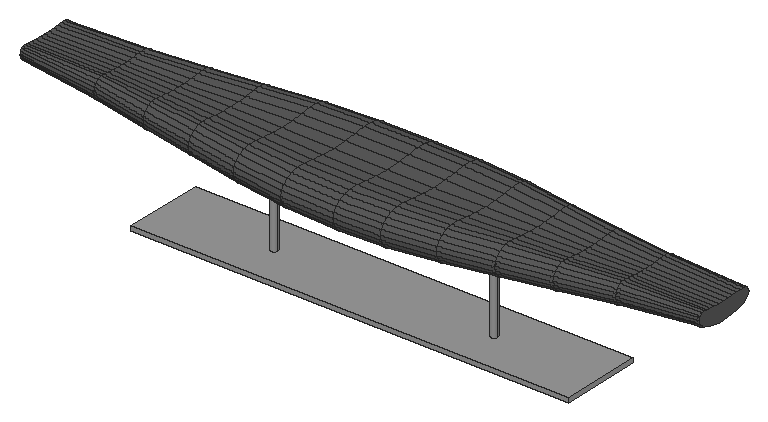
Revit family "Haworth_Inout_Bench", category Furniture, Revit 2018 (continued)
Automatic sketch dimensions
  Blend 8 sketch curve to Blend 8 sketch curve = 0' - 0.33953"  (x4)
  Blend 8 sketch curve to plane 4 "Top of Bench" = 0' - 2.59862"  (x2)
  Blend 8 sketch curve to plane 4 "Top of Bench" = 0' - 1.97546"  (x2)
  Blend 8 sketch curve to Blend 8 sketch curve = 0' - 0.11847"  (x2)
  Blend 8 sketch curve to plane 1 "Center Front/Back" = 0' - 1.73818"
  Blend 8 sketch curve to plane 1 "Center Front/Back" = 0' - 1.74009"
  Blend 8 sketch curve to plane 4 "Top of Bench" = 0' - 0.34411"
  Blend 8 sketch curve to Blend 8 sketch curve = 0' - 0.50569"  (x2)
  Blend 8 sketch curve to Blend 8 sketch curve = 0' - 0.38157"  (x2)
  Blend 8 sketch curve to Blend 8 sketch curve = 0' - 0.3888"  (x2)
  Blend 8 sketch curve to Blend 8 sketch curve = 0' - 0.31388"  (x2)
  Blend 8 sketch curve to Blend 8 sketch curve = 0' - 0.10917"
  Blend 9 sketch curve to plane 1 "Center Front/Back" = 0' - 0"  (x4)
  Blend 9 sketch curve to plane 4 "Top of Bench" = 0' - 0.09942"  (x2)
  plane 1 "Center Front/Back" to Blend 9 sketch curve = 0' - 0.64177"
  Blend 9 sketch curve to plane 4 "Top of Bench" = 0' - 0.25985"  (x2)
  plane 1 "Center Front/Back" to Blend 9 sketch curve = 0' - 0.67784"
  Blend 9 sketch curve to plane 4 "Top of Bench" = 0' - 0.23302"  (x2)
  Blend 9 sketch curve to Blend 9 sketch curve = 0' - 0.69395"  (x2)
  Blend 9 sketch curve to Blend 9 sketch curve = 0' - 1.3259"  (x2)
  Blend 9 sketch curve to plane 4 "Top of Bench" = 0' - 0.18556"  (x2)
  Blend 9 sketch curve to Blend 9 sketch curve = 0' - 0.6451"  (x2)
  Blend 9 sketch curve to plane 4 "Top of Bench" = 0' - 0.13705"  (x2)
  Blend 9 sketch curve to Blend 9 sketch curve = 0' - 0.52953"  (x2)
  Blend 9 sketch curve to Blend 9 sketch curve = 0' - 0.94332"  (x2)
  Blend 9 sketch curve to Blend 9 sketch curve = 0' - 0.42052"  (x2)
  Blend 9 sketch curve to Blend 9 sketch curve = 0' - 0.34619"  (x2)
  Blend 9 sketch curve to plane 4 "Top of Bench" = 0' - 0.15195"  (x2)
  Blend 9 sketch curve to Blend 9 sketch curve = 0' - 0.32374"  (x2)
  Blend 9 sketch curve to plane 4 "Top of Bench" = 0' - 1.40535"  (x2)
  Blend 9 sketch curve to Blend 9 sketch curve = 0' - 0.25786"  (x2)
  Blend 9 sketch curve to plane 4 "Top of Bench" = 0' - 0.30976"  (x2)
  Blend 9 sketch curve to Blend 9 sketch curve = 0' - 0.23506"  (x2)
  Blend 9 sketch curve to plane 4 "Top of Bench" = 0' - 1.11917"  (x2)
  Blend 9 sketch curve to Blend 9 sketch curve = 0' - 0.15642"  (x2)
  Blend 9 sketch curve to plane 4 "Top of Bench" = 0' - 0.53977"  (x2)
  Blend 9 sketch curve to Blend 9 sketch curve = 0' - 0.14714"  (x2)
  Blend 9 sketch curve to plane 4 "Top of Bench" = 0' - 0.81797"  (x2)
  Blend 9 sketch curve to Blend 9 sketch curve = 0' - 0.05227"  (x2)
  Blend 9 sketch curve to plane 1 "Center Front/Back" = 0' - 0.64177"
  Blend 9 sketch curve to plane 1 "Center Front/Back" = 0' - 0.67784"
  Blend 9 sketch curve to plane 4 "Top of Bench" = 0' - 0.269"
  Blend 9 sketch curve to Blend 9 sketch curve = 0' - 0.23655"  (x2)
  Blend 9 sketch curve to Blend 9 sketch curve = 0' - 0.19224"  (x2)
  Blend 9 sketch curve to Blend 9 sketch curve = 0' - 0.28572"  (x2)
  Blend 9 sketch curve to Blend 9 sketch curve = 0' - 0.22653"
  Blend 9 sketch curve to Blend 9 sketch curve = 0' - 0"  (x2)
  Blend 9 sketch curve to Blend 9 sketch curve = 0' - 0.02281"
  plane 4 "Top of Bench" to Blend 9 sketch curve = 0' - 0.03282"  (x2)
  Blend 9 sketch curve to plane 4 "Top of Bench" = 0' - 0.17137"  (x2)
  plane 1 "Center Front/Back" to Blend 9 sketch curve = 0' - 0.72452"
  plane 1 "Center Front/Back" to Blend 9 sketch curve = 0' - 0.76835"
  Blend 9 sketch curve to plane 4 "Top of Bench" = 0' - 0.11652"  (x2)
  Blend 9 sketch curve to Blend 9 sketch curve = 0' - 0.82452"  (x2)
  Blend 9 sketch curve to plane 4 "Top of Bench" = 0' - 0 3/64"  (x2)
  Blend 9 sketch curve to Blend 9 sketch curve = 0' - 0.73095"  (x2)
  Blend 9 sketch curve to Blend 9 sketch curve = 0' - 1.51352"  (x2)
  plane 4 "Top of Bench" to Blend 9 sketch curve = 0' - 0.00663"  (x2)
  Blend 9 sketch curve to Blend 9 sketch curve = 0' - 0.60355"  (x2)
  Blend 9 sketch curve to Blend 9 sketch curve = 0' - 0.50748"  (x2)
  Blend 9 sketch curve to Blend 9 sketch curve = 0' - 1 7/64"  (x2)
  Blend 9 sketch curve to plane 4 "Top of Bench" = 0' - 0.13896"  (x2)
  Blend 9 sketch curve to Blend 9 sketch curve = 0' - 0.44273"  (x2)
  Blend 9 sketch curve to Blend 9 sketch curve = 0' - 0.44252"  (x2)
  Blend 9 sketch curve to plane 4 "Top of Bench" = 0' - 0.45729"  (x2)
  Blend 9 sketch curve to Blend 9 sketch curve = 0' - 0.34532"  (x4)
  Blend 9 sketch curve to plane 4 "Top of Bench" = 0' - 2.06903"  (x2)
  Blend 9 sketch curve to plane 4 "Top of Bench" = 0' - 1.66572"  (x2)
  Blend 9 sketch curve to Blend 9 sketch curve = 0' - 0.21524"  (x4)
  Blend 9 sketch curve to plane 4 "Top of Bench" = 0' - 0.82506"  (x2)
  Blend 9 sketch curve to plane 4 "Top of Bench" = 0' - 1.23146"  (x2)
  Blend 9 sketch curve to Blend 9 sketch curve = 0' - 0.0751"  (x2)
  Blend 9 sketch curve to plane 1 "Center Front/Back" = 0' - 0.72452"
  Blend 9 sketch curve to plane 1 "Center Front/Back" = 0' - 0.76835"
  Blend 9 sketch curve to plane 4 "Top of Bench" = 0' - 0.17973"
  Blend 9 sketch curve to Blend 9 sketch curve = 0' - 0.31356"  (x2)
  Blend 9 sketch curve to Blend 9 sketch curve = 0' - 0.24278"  (x2)
  Blend 9 sketch curve to Blend 9 sketch curve = 0' - 0.34839"  (x2)
  Blend 9 sketch curve to Blend 9 sketch curve = 0' - 0.28435"
  Blend 9 sketch curve to Blend 9 sketch curve = 0' - 0.05362"
  Blend 10 sketch curve to plane 1 "Center Front/Back" = 0' - 0"  (x4)
  plane 4 "Top of Bench" to Blend 10 sketch curve = 0' - 0.03282"  (x2)
  Blend 10 sketch curve to plane 4 "Top of Bench" = 0' - 0.17137"  (x2)
  plane 1 "Center Front/Back" to Blend 10 sketch curve = 0' - 0.72452"
  plane 1 "Center Front/Back" to Blend 10 sketch curve = 0' - 0.76835"
  Blend 10 sketch curve to plane 4 "Top of Bench" = 0' - 0.11652"  (x2)
  Blend 10 sketch curve to Blend 10 sketch curve = 0' - 0.82452"  (x2)
  Blend 10 sketch curve to plane 4 "Top of Bench" = 0' - 0 3/64"  (x2)
  Blend 10 sketch curve to Blend 10 sketch curve = 0' - 0.73095"  (x2)
  Blend 10 sketch curve to Blend 10 sketch curve = 0' - 1.51352"  (x2)
  plane 4 "Top of Bench" to Blend 10 sketch curve = 0' - 0.00663"  (x2)
  Blend 10 sketch curve to Blend 10 sketch curve = 0' - 0.60355"  (x2)
  Blend 10 sketch curve to Blend 10 sketch curve = 0' - 0.50748"  (x2)
  Blend 10 sketch curve to Blend 10 sketch curve = 0' - 1 7/64"  (x2)
  Blend 10 sketch curve to plane 4 "Top of Bench" = 0' - 0.13896"  (x2)
  Blend 10 sketch curve to Blend 10 sketch curve = 0' - 0.44273"  (x2)
  Blend 10 sketch curve to Blend 10 sketch curve = 0' - 0.44252"  (x2)
  Blend 10 sketch curve to plane 4 "Top of Bench" = 0' - 0.45729"  (x2)
  Blend 10 sketch curve to Blend 10 sketch curve = 0' - 0.34532"  (x4)
  Blend 10 sketch curve to plane 4 "Top of Bench" = 0' - 2.06903"  (x2)
  Blend 10 sketch curve to plane 4 "Top of Bench" = 0' - 0.82506"  (x2)
  Blend 10 sketch curve to Blend 10 sketch curve = 0' - 0.21524"  (x4)
  Blend 10 sketch curve to plane 4 "Top of Bench" = 0' - 1.66572"  (x2)
  Blend 10 sketch curve to plane 4 "Top of Bench" = 0' - 1.23146"  (x2)
  Blend 10 sketch curve to Blend 10 sketch curve = 0' - 0.0751"  (x2)
  Blend 10 sketch curve to plane 1 "Center Front/Back" = 0' - 0.72452"
  Blend 10 sketch curve to plane 1 "Center Front/Back" = 0' - 0.76835"
  Blend 10 sketch curve to plane 4 "Top of Bench" = 0' - 0.17973"
  Blend 10 sketch curve to Blend 10 sketch curve = 0' - 0.31356"  (x2)
  Blend 10 sketch curve to Blend 10 sketch curve = 0' - 0.24278"  (x2)
  Blend 10 sketch curve to Blend 10 sketch curve = 0' - 0.34839"  (x2)
  Blend 10 sketch curve to Blend 10 sketch curve = 0' - 0.28435"
  Blend 10 sketch curve to Blend 10 sketch curve = 0' - 0"
  Blend 10 sketch curve to Blend 10 sketch curve = 0' - 0.05362"
  plane 4 "Top of Bench" to Blend 10 sketch curve = 0' - 0.01326"  (x2)
  Blend 10 sketch curve to plane 4 "Top of Bench" = 0' - 0.22243"  (x2)
  plane 1 "Center Front/Back" to Blend 10 sketch curve = 0' - 0.86271"
  plane 1 "Center Front/Back" to Blend 10 sketch curve = 0' - 0.95646"
  Blend 10 sketch curve to plane 4 "Top of Bench" = 0' - 0.14672"  (x2)
  Blend 10 sketch curve to Blend 10 sketch curve = 0' - 1.03865"  (x2)
  Blend 10 sketch curve to plane 4 "Top of Bench" = 0' - 0.06065"  (x2)
  Blend 10 sketch curve to Blend 10 sketch curve = 0' - 0.89874"  (x2)
  Blend 10 sketch curve to Blend 10 sketch curve = 0' - 1.84728"  (x2)
  Blend 10 sketch curve to plane 4 "Top of Bench" = 0' - 0.00347"  (x2)
  Blend 10 sketch curve to Blend 10 sketch curve = 0' - 0.7428"  (x2)
  Blend 10 sketch curve to Blend 10 sketch curve = 0' - 0.62739"  (x2)
  Blend 10 sketch curve to Blend 10 sketch curve = 0' - 1.36694"  (x2)
  Blend 10 sketch curve to Blend 10 sketch curve = 0' - 0.55211"  (x2)
  Blend 10 sketch curve to plane 4 "Top of Bench" = 0' - 0.24008"  (x2)
  Blend 10 sketch curve to Blend 10 sketch curve = 0' - 0.55251"  (x2)
  Blend 10 sketch curve to plane 4 "Top of Bench" = 0' - 0.64892"  (x2)
  Blend 10 sketch curve to Blend 10 sketch curve = 0' - 0.43343"  (x4)
  Blend 10 sketch curve to plane 4 "Top of Bench" = 0' - 2.48542"  (x2)
  Blend 10 sketch curve to plane 4 "Top of Bench" = 0' - 1.07881"  (x2)
  Blend 10 sketch curve to Blend 10 sketch curve = 0' - 0.27016"  (x4)
  Blend 10 sketch curve to plane 4 "Top of Bench" = 0' - 2.02932"  (x2)
  Blend 10 sketch curve to plane 4 "Top of Bench" = 0' - 1.53664"  (x2)
  Blend 10 sketch curve to Blend 10 sketch curve = 0' - 0.09426"  (x2)
  Blend 10 sketch curve to plane 1 "Center Front/Back" = 0' - 0.86271"
  Blend 10 sketch curve to plane 1 "Center Front/Back" = 0' - 0.95646"
  Blend 10 sketch curve to plane 4 "Top of Bench" = 0' - 0.23019"
  Blend 10 sketch curve to Blend 10 sketch curve = 0' - 0.34807"  (x2)
  Blend 10 sketch curve to Blend 10 sketch curve = 0' - 0.26739"  (x2)
  Blend 10 sketch curve to Blend 10 sketch curve = 0' - 0.38877"  (x2)
  Blend 10 sketch curve to Blend 10 sketch curve = 0' - 0.32424"  (x2)
  Blend 10 sketch curve to Blend 10 sketch curve = 0' - 0.07579"
  Blend 11 sketch curve to plane 1 "Center Front/Back" = 0' - 0"  (x4)
  plane 4 "Top of Bench" to Blend 11 sketch curve = 0' - 0.01326"  (x2)
  Blend 11 sketch curve to plane 4 "Top of Bench" = 0' - 0.22243"  (x2)
  plane 1 "Center Front/Back" to Blend 11 sketch curve = 0' - 0.86271"
  plane 1 "Center Front/Back" to Blend 11 sketch curve = 0' - 0.95646"
  Blend 11 sketch curve to plane 4 "Top of Bench" = 0' - 0.14672"  (x2)
  Blend 11 sketch curve to Blend 11 sketch curve = 0' - 1.03865"  (x2)
  Blend 11 sketch curve to plane 4 "Top of Bench" = 0' - 0.06065"  (x2)
  Blend 11 sketch curve to Blend 11 sketch curve = 0' - 0.89874"  (x2)
  Blend 11 sketch curve to Blend 11 sketch curve = 0' - 1.84728"  (x2)
  Blend 11 sketch curve to plane 4 "Top of Bench" = 0' - 0.00347"  (x2)
  Blend 11 sketch curve to Blend 11 sketch curve = 0' - 0.7428"  (x2)
  Blend 11 sketch curve to Blend 11 sketch curve = 0' - 0.62739"  (x2)
  Blend 11 sketch curve to Blend 11 sketch curve = 0' - 1.36694"  (x2)
  Blend 11 sketch curve to plane 4 "Top of Bench" = 0' - 0.24008"  (x2)
  Blend 11 sketch curve to Blend 11 sketch curve = 0' - 0.55251"  (x2)
  Blend 11 sketch curve to Blend 11 sketch curve = 0' - 0.55211"  (x2)
  Blend 11 sketch curve to plane 4 "Top of Bench" = 0' - 0.64892"  (x2)
  Blend 11 sketch curve to Blend 11 sketch curve = 0' - 0.43343"  (x4)
  Blend 11 sketch curve to plane 4 "Top of Bench" = 0' - 2.48542"  (x2)
  Blend 11 sketch curve to plane 4 "Top of Bench" = 0' - 2.02932"  (x2)
  Blend 11 sketch curve to Blend 11 sketch curve = 0' - 0.27016"  (x4)
  Blend 11 sketch curve to plane 4 "Top of Bench" = 0' - 1.07881"  (x2)
  Blend 11 sketch curve to plane 4 "Top of Bench" = 0' - 1.53664"  (x2)
  Blend 11 sketch curve to Blend 11 sketch curve = 0' - 0.09426"  (x2)
  Blend 11 sketch curve to plane 1 "Center Front/Back" = 0' - 0.86271"
  Blend 11 sketch curve to plane 1 "Center Front/Back" = 0' - 0.95646"
  Blend 11 sketch curve to plane 4 "Top of Bench" = 0' - 0.23019"
  Blend 11 sketch curve to Blend 11 sketch curve = 0' - 0.34807"  (x2)
  Blend 11 sketch curve to Blend 11 sketch curve = 0' - 0.26739"  (x2)
  Blend 11 sketch curve to Blend 11 sketch curve = 0' - 0.38877"  (x2)
  Blend 11 sketch curve to Blend 11 sketch curve = 0' - 0.32424"  (x2)
  Blend 11 sketch curve to Blend 11 sketch curve = 0' - 0.07579"
  plane 4 "Top of Bench" to Blend 11 sketch curve = 0' - 0.10288"  (x2)
  Blend 11 sketch curve to plane 4 "Top of Bench" = 0' - 0.17217"  (x2)
  plane 1 "Center Front/Back" to Blend 11 sketch curve = 0' - 1.16751"
  plane 1 "Center Front/Back" to Blend 11 sketch curve = 0' - 1.18344"
  Blend 11 sketch curve to plane 4 "Top of Bench" = 0' - 0.09512"  (x2)
  Blend 11 sketch curve to Blend 11 sketch curve = 0' - 1.18238"  (x2)
  plane 4 "Top of Bench" to Blend 11 sketch curve = 0' - 0.04003"  (x2)
  Blend 11 sketch curve to Blend 11 sketch curve = 0' - 1.08025"  (x2)
  Blend 11 sketch curve to Blend 11 sketch curve = 0' - 2.24896"  (x2)
  Blend 11 sketch curve to Blend 11 sketch curve = 0' - 0.86489"  (x2)
  Blend 11 sketch curve to Blend 11 sketch curve = 0' - 1.57325"  (x2)
  plane 4 "Top of Bench" to Blend 11 sketch curve = 0' - 0.01707"  (x2)
  Blend 11 sketch curve to Blend 11 sketch curve = 0' - 0.71107"  (x2)
  Blend 11 sketch curve to Blend 11 sketch curve = 0' - 0.61818"  (x2)
  Blend 11 sketch curve to plane 4 "Top of Bench" = 0' - 0.29231"  (x2)
  Blend 11 sketch curve to Blend 11 sketch curve = 0' - 0.61853"  (x2)
  Blend 11 sketch curve to plane 4 "Top of Bench" = 0' - 2.75849"  (x2)
  Blend 11 sketch curve to Blend 11 sketch curve = 0' - 0.48174"  (x2)
  Blend 11 sketch curve to plane 4 "Top of Bench" = 0' - 0.73354"  (x2)
  Blend 11 sketch curve to Blend 11 sketch curve = 0' - 0.48175"  (x2)
  Blend 11 sketch curve to plane 4 "Top of Bench" = 0' - 2.2514"  (x2)
  Blend 11 sketch curve to Blend 11 sketch curve = 0' - 0.30019"  (x2)
  Blend 11 sketch curve to plane 4 "Top of Bench" = 0' - 1.20673"  (x2)
  Blend 11 sketch curve to Blend 11 sketch curve = 0' - 0.3001"  (x2)
  Blend 11 sketch curve to plane 4 "Top of Bench" = 0' - 1.71262"  (x2)
  Blend 11 sketch curve to Blend 11 sketch curve = 0' - 0.10437"  (x2)
  Blend 11 sketch curve to plane 1 "Center Front/Back" = 0' - 1.16751"
  Blend 11 sketch curve to plane 1 "Center Front/Back" = 0' - 1.18344"
  Blend 11 sketch curve to plane 4 "Top of Bench" = 0' - 0.2002"
  Blend 11 sketch curve to Blend 11 sketch curve = 0' - 0.40208"  (x2)
  Blend 11 sketch curve to Blend 11 sketch curve = 0' - 0.30984"  (x2)
  Blend 11 sketch curve to Blend 11 sketch curve = 0' - 0.41335"  (x2)
  Blend 11 sketch curve to Blend 11 sketch curve = 0' - 0.30089"  (x2)
  Blend 11 sketch curve to Blend 11 sketch curve = 0' - 0.05505"
  Blend 12 sketch curve to plane 1 "Center Front/Back" = 0' - 0"  (x4)
  plane 4 "Top of Bench" to Blend 12 sketch curve = 0' - 0.10288"  (x2)
  Blend 12 sketch curve to plane 4 "Top of Bench" = 0' - 0.17217"  (x2)
  plane 1 "Center Front/Back" to Blend 12 sketch curve = 0' - 1.16751"
  plane 1 "Center Front/Back" to Blend 12 sketch curve = 0' - 1.18344"
  Blend 12 sketch curve to plane 4 "Top of Bench" = 0' - 0.09512"  (x2)
  Blend 12 sketch curve to Blend 12 sketch curve = 0' - 1.18238"  (x2)
  plane 4 "Top of Bench" to Blend 12 sketch curve = 0' - 0.04003"  (x2)
  Blend 12 sketch curve to Blend 12 sketch curve = 0' - 1.08025"  (x2)
  Blend 12 sketch curve to Blend 12 sketch curve = 0' - 2.24896"  (x2)
  Blend 12 sketch curve to Blend 12 sketch curve = 0' - 0.86489"  (x2)
  Blend 12 sketch curve to Blend 12 sketch curve = 0' - 1.57325"  (x2)
  plane 4 "Top of Bench" to Blend 12 sketch curve = 0' - 0.01707"  (x2)
  Blend 12 sketch curve to Blend 12 sketch curve = 0' - 0.71107"  (x2)
  Blend 12 sketch curve to Blend 12 sketch curve = 0' - 0.61818"  (x2)
  Blend 12 sketch curve to plane 4 "Top of Bench" = 0' - 0.29231"  (x2)
  Blend 12 sketch curve to Blend 12 sketch curve = 0' - 0.61853"  (x2)
  Blend 12 sketch curve to plane 4 "Top of Bench" = 0' - 2.75849"  (x2)
  Blend 12 sketch curve to Blend 12 sketch curve = 0' - 0.48174"  (x2)
  Blend 12 sketch curve to plane 4 "Top of Bench" = 0' - 0.73354"  (x2)
  Blend 12 sketch curve to Blend 12 sketch curve = 0' - 0.48175"  (x2)
  Blend 12 sketch curve to plane 4 "Top of Bench" = 0' - 2.2514"  (x2)
  Blend 12 sketch curve to Blend 12 sketch curve = 0' - 0.30019"  (x2)
  Blend 12 sketch curve to plane 4 "Top of Bench" = 0' - 1.20673"  (x2)
  Blend 12 sketch curve to Blend 12 sketch curve = 0' - 0.3001"  (x2)
  Blend 12 sketch curve to plane 4 "Top of Bench" = 0' - 1.71262"  (x2)
  Blend 12 sketch curve to Blend 12 sketch curve = 0' - 0.10437"  (x2)
  Blend 12 sketch curve to plane 1 "Center Front/Back" = 0' - 1.16751"
  Blend 12 sketch curve to plane 1 "Center Front/Back" = 0' - 1.18344"
  Blend 12 sketch curve to plane 4 "Top of Bench" = 0' - 0.2002"
  Blend 12 sketch curve to Blend 12 sketch curve = 0' - 0.40208"  (x2)
  Blend 12 sketch curve to Blend 12 sketch curve = 0' - 0.30984"  (x2)
  Blend 12 sketch curve to Blend 12 sketch curve = 0' - 0.41335"  (x2)
  Blend 12 sketch curve to Blend 12 sketch curve = 0' - 0.30089"  (x2)
  Blend 12 sketch curve to Blend 12 sketch curve = 0' - 0.05505"
  plane 4 "Top of Bench" to Blend 12 sketch curve = 0' - 0.13802"  (x2)
  Blend 12 sketch curve to plane 4 "Top of Bench" = 0' - 0.1544"  (x2)
  plane 1 "Center Front/Back" to Blend 12 sketch curve = 0' - 1.52575"
  plane 1 "Center Front/Back" to Blend 12 sketch curve = 0' - 1.52672"
  Blend 12 sketch curve to plane 4 "Top of Bench" = 0' - 0.02745"  (x2)
  Blend 12 sketch curve to Blend 12 sketch curve = 0' - 1.39174"  (x2)
  plane 4 "Top of Bench" to Blend 12 sketch curve = 0' - 0.1186"  (x2)
  Blend 12 sketch curve to Blend 12 sketch curve = 0' - 1.25187"  (x2)
  Blend 12 sketch curve to Blend 12 sketch curve = 0' - 2.64326"  (x2)
  Blend 12 sketch curve to Blend 12 sketch curve = 0' - 0.97295"  (x2)
  Blend 12 sketch curve to Blend 12 sketch curve = 0' - 1.75062"  (x2)
  Blend 12 sketch curve to plane 4 "Top of Bench" = 0' - 0.00773"  (x2)
  Blend 12 sketch curve to Blend 12 sketch curve = 0' - 0.77848"  (x2)
  Blend 12 sketch curve to Blend 12 sketch curve = 0' - 0.66917"  (x2)
  Blend 12 sketch curve to plane 4 "Top of Bench" = 0' - 0.36205"  (x2)
  Blend 12 sketch curve to Blend 12 sketch curve = 0' - 0.66936"  (x2)
  Blend 12 sketch curve to plane 4 "Top of Bench" = 0' - 2.95083"  (x2)
  Blend 12 sketch curve to Blend 12 sketch curve = 0' - 0.51721"  (x2)
  Blend 12 sketch curve to plane 4 "Top of Bench" = 0' - 0.82247"  (x2)
  Blend 12 sketch curve to Blend 12 sketch curve = 0' - 0.51717"  (x2)
  Blend 12 sketch curve to plane 4 "Top of Bench" = 0' - 2.40571"  (x2)
  Blend 12 sketch curve to Blend 12 sketch curve = 0' - 0.32239"  (x2)
  Blend 12 sketch curve to plane 4 "Top of Bench" = 0' - 1.30984"  (x2)
  Blend 12 sketch curve to Blend 12 sketch curve = 0' - 0.32224"  (x2)
  Blend 12 sketch curve to plane 4 "Top of Bench" = 0' - 1.83631"  (x2)
  Blend 12 sketch curve to Blend 12 sketch curve = 0' - 0.11231"  (x2)
  Blend 12 sketch curve to plane 1 "Center Front/Back" = 0' - 1.52575"
  Blend 12 sketch curve to plane 1 "Center Front/Back" = 0' - 1.52672"
  Blend 12 sketch curve to plane 4 "Top of Bench" = 0' - 0.23948"
  Blend 12 sketch curve to Blend 12 sketch curve = 0' - 0.45484"  (x2)
  Blend 12 sketch curve to Blend 12 sketch curve = 0' - 0.34357"  (x2)
  Blend 12 sketch curve to Blend 12 sketch curve = 0' - 0.3492"  (x2)
  Blend 12 sketch curve to Blend 12 sketch curve = 0' - 0.32191"  (x2)
  Blend 12 sketch curve to Blend 12 sketch curve = 0' - 0.10362"
  Blend 13 sketch curve to plane 1 "Center Front/Back" = 0' - 0"  (x4)
  plane 4 "Top of Bench" to Blend 13 sketch curve = 0' - 0.13802"  (x2)
  Blend 13 sketch curve to plane 4 "Top of Bench" = 0' - 0.1544"  (x2)
  plane 1 "Center Front/Back" to Blend 13 sketch curve = 0' - 1.52575"
  plane 1 "Center Front/Back" to Blend 13 sketch curve = 0' - 1.52672"
  Blend 13 sketch curve to plane 4 "Top of Bench" = 0' - 0.02745"  (x2)
  Blend 13 sketch curve to Blend 13 sketch curve = 0' - 1.39174"  (x2)
  plane 4 "Top of Bench" to Blend 13 sketch curve = 0' - 0.1186"  (x2)
  Blend 13 sketch curve to Blend 13 sketch curve = 0' - 1.25187"  (x2)
  Blend 13 sketch curve to Blend 13 sketch curve = 0' - 2.64326"  (x2)
  Blend 13 sketch curve to Blend 13 sketch curve = 0' - 0.97295"  (x2)
  Blend 13 sketch curve to Blend 13 sketch curve = 0' - 1.75062"  (x2)
  Blend 13 sketch curve to plane 4 "Top of Bench" = 0' - 0.00773"  (x2)
  Blend 13 sketch curve to Blend 13 sketch curve = 0' - 0.77848"  (x2)
  Blend 13 sketch curve to Blend 13 sketch curve = 0' - 0.66917"  (x2)
  Blend 13 sketch curve to plane 4 "Top of Bench" = 0' - 0.36205"  (x2)
  Blend 13 sketch curve to Blend 13 sketch curve = 0' - 0.66936"  (x2)
  Blend 13 sketch curve to plane 4 "Top of Bench" = 0' - 2.95083"  (x2)
  Blend 13 sketch curve to Blend 13 sketch curve = 0' - 0.51721"  (x2)
  Blend 13 sketch curve to plane 4 "Top of Bench" = 0' - 0.82247"  (x2)
  Blend 13 sketch curve to Blend 13 sketch curve = 0' - 0.51717"  (x2)
  Blend 13 sketch curve to plane 4 "Top of Bench" = 0' - 2.40571"  (x2)
  Blend 13 sketch curve to Blend 13 sketch curve = 0' - 0.32239"  (x2)
  Blend 13 sketch curve to plane 4 "Top of Bench" = 0' - 1.30984"  (x2)
  Blend 13 sketch curve to Blend 13 sketch curve = 0' - 0.32224"  (x2)
  Blend 13 sketch curve to plane 4 "Top of Bench" = 0' - 1.83631"  (x2)
  Blend 13 sketch curve to Blend 13 sketch curve = 0' - 0.11231"  (x2)
  Blend 13 sketch curve to plane 1 "Center Front/Back" = 0' - 1.52575"
  Blend 13 sketch curve to plane 1 "Center Front/Back" = 0' - 1.52672"
  Blend 13 sketch curve to plane 4 "Top of Bench" = 0' - 0.23948"
  Blend 13 sketch curve to Blend 13 sketch curve = 0' - 0.45484"  (x2)
  Blend 13 sketch curve to Blend 13 sketch curve = 0' - 0.34357"  (x2)
  Blend 13 sketch curve to Blend 13 sketch curve = 0' - 0.3492"  (x2)
  Blend 13 sketch curve to Blend 13 sketch curve = 0' - 0.32191"  (x2)
  Blend 13 sketch curve to Blend 13 sketch curve = 0' - 0.10362"
  plane 4 "Top of Bench" to Blend 13 sketch curve = 0' - 0.06383"  (x2)
  plane 1 "Center Front/Back" to Blend 13 sketch curve = 0' - 1.73818"
  Blend 13 sketch curve to plane 4 "Top of Bench" = 0' - 0.23691"  (x2)
  plane 1 "Center Front/Back" to Blend 13 sketch curve = 0' - 1.74009"
  Blend 13 sketch curve to plane 4 "Top of Bench" = 0' - 0.0903"  (x2)
  Blend 13 sketch curve to Blend 13 sketch curve = 0' - 1.51363"  (x2)
  Blend 13 sketch curve to Blend 13 sketch curve = 0' - 2.86543"  (x2)
  Blend 13 sketch curve to Blend 13 sketch curve = 0' - 1.35021"  (x2)
  plane 4 "Top of Bench" to Blend 13 sketch curve = 0' - 0.06096"  (x2)
  Blend 13 sketch curve to Blend 13 sketch curve = 0' - 1.03827"  (x2)
  Blend 13 sketch curve to Blend 13 sketch curve = 0' - 1.8636"  (x2)
  Blend 13 sketch curve to plane 4 "Top of Bench" = 0' - 0.11643"  (x2)
  Blend 13 sketch curve to Blend 13 sketch curve = 0' - 0.82502"  (x2)
  Blend 13 sketch curve to plane 4 "Top of Bench" = 0' - 0.46426"  (x2)
  Blend 13 sketch curve to Blend 13 sketch curve = 0' - 0.70655"  (x4)
  Blend 13 sketch curve to plane 4 "Top of Bench" = 0' - 0.91127"  (x2)
  Blend 13 sketch curve to Blend 13 sketch curve = 0' - 0.54472"  (x4)
  Blend 13 sketch curve to plane 4 "Top of Bench" = 0' - 3.20225"  (x2)
  Blend 13 sketch curve to plane 4 "Top of Bench" = 0' - 1.41315"  (x2)
  Blend 13 sketch curve to Blend 13 sketch curve = 0' - 0.33953"  (x4)
  Blend 13 sketch curve to plane 4 "Top of Bench" = 0' - 2.59862"  (x2)
  Blend 13 sketch curve to plane 4 "Top of Bench" = 0' - 1.97546"  (x2)
  Blend 13 sketch curve to Blend 13 sketch curve = 0' - 0.11847"  (x2)
  Blend 13 sketch curve to plane 1 "Center Front/Back" = 0' - 1.73818"
  Blend 13 sketch curve to plane 1 "Center Front/Back" = 0' - 1.74009"
  Blend 13 sketch curve to plane 4 "Top of Bench" = 0' - 0.34411"
  Blend 13 sketch curve to Blend 13 sketch curve = 0' - 0.50569"  (x2)
  Blend 13 sketch curve to Blend 13 sketch curve = 0' - 0.38157"  (x2)
  Blend 13 sketch curve to Blend 13 sketch curve = 0' - 0.3888"  (x2)
  Blend 13 sketch curve to Blend 13 sketch curve = 0' - 0.31388"  (x2)
  Blend 13 sketch curve to Blend 13 sketch curve = 0' - 0.10917"
  Blend 14 sketch curve to plane 1 "Center Front/Back" = 0' - 0"  (x4)
  Blend 14 sketch curve to plane 4 "Top of Bench" = 0' - 5.0349"
  plane 1 "Center Front/Back" to Blend 14 sketch curve = 0' - 1.76715"
  Blend 14 sketch curve to plane 4 "Top of Bench" = 0' - 0.26234"  (x2)
  plane 1 "Center Front/Back" to Blend 14 sketch curve = 0' - 1.76917"
  Blend 14 sketch curve to plane 4 "Top of Bench" = 0' - 0.11268"  (x2)
  Blend 14 sketch curve to Blend 14 sketch curve = 0' - 1.54572"  (x2)
  Blend 14 sketch curve to Blend 14 sketch curve = 0' - 2.92613"  (x2)
  plane 4 "Top of Bench" to Blend 14 sketch curve = 0' - 0.0403"  (x2)
  Blend 14 sketch curve to Blend 14 sketch curve = 0' - 1.37872"
  plane 4 "Top of Bench" to Blend 14 sketch curve = 0' - 0.02767"  (x2)
  Blend 14 sketch curve to Blend 14 sketch curve = 0' - 1.06006"
  Blend 14 sketch curve to plane 4 "Top of Bench" = 0' - 0.16031"  (x2)
  Blend 14 sketch curve to Blend 14 sketch curve = 0' - 0.84226"  (x2)
  Blend 14 sketch curve to Blend 14 sketch curve = 0' - 1.90264"
  Blend 14 sketch curve to plane 4 "Top of Bench" = 0' - 0.49852"
  Blend 14 sketch curve to Blend 14 sketch curve = 0' - 0.72132"  (x4)
  Blend 14 sketch curve to plane 4 "Top of Bench" = 0' - 3.30229"  (x2)
  Blend 14 sketch curve to Blend 14 sketch curve = 0' - 0.5561"  (x2)
  Blend 14 sketch curve to plane 4 "Top of Bench" = 0' - 0.93972"  (x2)
  Blend 14 sketch curve to plane 4 "Top of Bench" = 0' - 2.67433"  (x2)
  Blend 14 sketch curve to Blend 14 sketch curve = 0' - 0.34663"  (x2)
  Blend 14 sketch curve to plane 4 "Top of Bench" = 0' - 1.44736"  (x2)
  Blend 14 sketch curve to plane 4 "Top of Bench" = 0' - 2.02601"  (x2)
  Blend 14 sketch curve to Blend 14 sketch curve = 0' - 0.12094"  (x2)
  Blend 14 sketch curve to plane 1 "Center Front/Back" = 0' - 1.76715"
  Blend 14 sketch curve to plane 1 "Center Front/Back" = 0' - 1.76917"
  Blend 14 sketch curve to Blend 14 sketch curve = 0' - 1.37873"
  Blend 14 sketch curve to Blend 14 sketch curve = 0' - 1.06005"
  Blend 14 sketch curve to Blend 14 sketch curve = 0' - 1.90265"
  Blend 14 sketch curve to plane 4 "Top of Bench" = 0' - 0.49853"
  Blend 14 sketch curve to Blend 14 sketch curve = 0' - 0.55611"  (x2)
  Blend 14 sketch curve to Blend 14 sketch curve = 0' - 0.34662"  (x2)
  Blend 14 sketch curve to Blend 14 sketch curve = 0' - 0.10976"  (x2)
  Blend 14 sketch curve to Blend 14 sketch curve = 0' - 0.31316"  (x2)
  Blend 14 sketch curve to Blend 14 sketch curve = 0' - 0.90915"  (x2)
  Blend 14 sketch curve to Blend 14 sketch curve = 0' - 0.52"  (x2)
  Blend 14 sketch curve to plane 4 "Top of Bench" = 0' - 0.36893"
  Blend 14 sketch curve to plane 4 "Top of Bench" = 0' - 4.90136"
  plane 1 "Center Front/Back" to Blend 14 sketch curve = 0' - 1.73818"
  Blend 14 sketch curve to plane 4 "Top of Bench" = 0' - 0.23691"  (x2)
  plane 1 "Center Front/Back" to Blend 14 sketch curve = 0' - 1.74009"
  Blend 14 sketch curve to plane 4 "Top of Bench" = 0' - 0.0903"  (x2)
  Blend 14 sketch curve to Blend 14 sketch curve = 0' - 1.51363"  (x2)
  Blend 14 sketch curve to Blend 14 sketch curve = 0' - 2.86543"  (x2)
  plane 4 "Top of Bench" to Blend 14 sketch curve = 0' - 0.06383"  (x2)
  Blend 14 sketch curve to Blend 14 sketch curve = 0' - 1.35021"  (x2)
  plane 4 "Top of Bench" to Blend 14 sketch curve = 0' - 0.06096"  (x2)
  Blend 14 sketch curve to Blend 14 sketch curve = 0' - 1.03827"  (x2)
  Blend 14 sketch curve to Blend 14 sketch curve = 0' - 1.8636"  (x2)
  Blend 14 sketch curve to plane 4 "Top of Bench" = 0' - 0.11643"  (x2)
  Blend 14 sketch curve to Blend 14 sketch curve = 0' - 0.82502"  (x2)
  Blend 14 sketch curve to plane 4 "Top of Bench" = 0' - 0.46426"  (x2)
  Blend 14 sketch curve to Blend 14 sketch curve = 0' - 0.70655"  (x4)
  Blend 14 sketch curve to plane 4 "Top of Bench" = 0' - 0.91127"  (x2)
  Blend 14 sketch curve to Blend 14 sketch curve = 0' - 0.54472"  (x4)
  Blend 14 sketch curve to plane 4 "Top of Bench" = 0' - 3.20225"  (x2)
  Blend 14 sketch curve to plane 4 "Top of Bench" = 0' - 1.41315"  (x2)
  Blend 14 sketch curve to Blend 14 sketch curve = 0' - 0.33953"  (x4)
  Blend 14 sketch curve to plane 4 "Top of Bench" = 0' - 2.59862"  (x2)
  Blend 14 sketch curve to plane 4 "Top of Bench" = 0' - 1.97546"  (x2)
  Blend 14 sketch curve to Blend 14 sketch curve = 0' - 0.11847"  (x2)
  Blend 14 sketch curve to plane 1 "Center Front/Back" = 0' - 1.73818"
  Blend 14 sketch curve to plane 1 "Center Front/Back" = 0' - 1.74009"
  Blend 14 sketch curve to Blend 14 sketch curve = 0' - 0.10917"  (x2)
  Blend 14 sketch curve to Blend 14 sketch curve = 0' - 0.31388"  (x2)
  Blend 14 sketch curve to Blend 14 sketch curve = 0' - 0.88726"  (x2)
  Blend 14 sketch curve to Blend 14 sketch curve = 0' - 0.50569"  (x2)
  Blend 14 sketch curve to plane 4 "Top of Bench" = 0' - 0.34411"
  Masking region 1 sketch curve to plane 5 "1" = 0' - 0"
  Masking region 1 sketch curve to plane 1 "Center Front/Back" = 0' - 3.83496"  (x2)
  Masking region 1 sketch curve to plane 3 "Center Left/Right" = 0' - 0"  (x2)
  plane 1 "Center Front/Back" to Masking region 1 sketch curve = 0' - 3.83352"
  plane 3 "Center Left/Right" to Masking region 1 sketch curve = 3' - 5.60152"
  plane 3 "Center Left/Right" to Masking region 1 sketch curve = 5' - 0.11263"  (x2)
  plane 1 "Center Front/Back" to Masking region 1 sketch curve = 0' - 6.75935"  (x2)
  plane 3 "Center Left/Right" to Masking region 1 sketch curve = 1' - 6.23852"
  Masking region 1 sketch curve to plane 1 "Center Front/Back" = 0' - 6.76079"
  Masking region 1 sketch curve to Masking region 1 sketch curve = 0' - 0"  (x5)
  Masking region 1 sketch curve to plane 5 "1" = 1' - 6.51111"  (x2)
  plane 5 "1" to Extrusion 1 sketch curve = 1' - 2.57391"
  Extrusion 2 sketch curve to plane 3 "Center Left/Right" = 1' - 1.47641"
  radius of Extrusion 2 sketch curve = 0' - 0.38895"  (x2)
